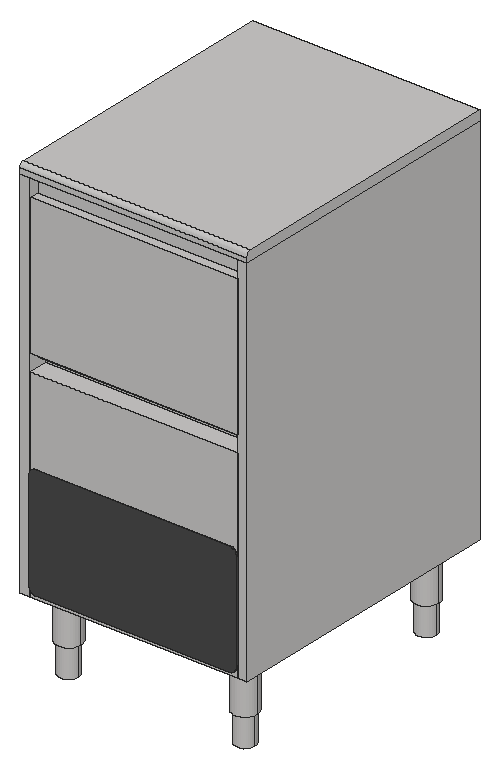
Revit family "QF_ELECTROLUXPROFESSIONAL_730336_IGE55I20SNP", category Attrezzature speciali, Revit 2018
Family settings
  Quota connettore circolare = Usa diametro
  Tipo di parte = Normale
  Basato su piano di lavoro = No
  Sempre verticale = Sì
  Taglio con vuoti quando caricato = No
  Condiviso = No
  Punto di calcolo locali = No
Parameters (values of type "Standard")
  Weight = 0.00 kg
  Watts = 550 W
  Volts = 220 V
  URL Manufacturer = "https://www.electroluxprofessional.com/"
  URL = "https://www.electroluxprofessional.com/"
  Steam Supply Size = 0 mm
  Steam Supply Minimum Pressure = 0.0 Pa
  Steam Supply Maximum Pressure = 0.0 Pa
  Steam Pounds per Hour = 0
  Show Logo [instance] = yes
  Show Clearance [instance] = yes
  Refrigeration Suction Line Size = 0 mm
  Refrigeration Liquid Line Size = 0 mm
  Refrigerant Compressor Remote = yes
  Produttore = "Electrolux Professional"
  Phase = 1
  Modello = "IGE55I20SNP"
  Length Actual = 465 mm  # constant formula
  Item Number = "730336"
  Hot Water Size = 0 mm
  Height Actual = 105 mm  # constant formula
  HP = "0.7 HP"
  Gas Size = 0 mm
  Gas KW = 0
  Gas Input Pressure = 0 W
  Descrizione = "AIR COOLED GRANULAR ICE XS 74KG/24H-BIN 20KG"
  Depth Actual = 595 mm  # constant formula
  Cycle = 50 Hz
  Condensate Return Size = 0 mm
  Compressed Air Volume = 0.0 L/s
  Compressed Air Size = 0 mm
  Compressed Air Pressure = 0.0 Pa
  Cold Water Size = 19.05 mm
  Accessory = yes
Reference planes
  plane 1 "Center X": y = 272.851
  plane 2: z = 0
  plane 3 "Center Y": x = -501.5
  plane 4 "LEFT": x = -734
  plane 5 "RIGHT": x = -269
  plane 6 "FRONT": y = -24.649
  plane 7 "BACK": y = 570.351
  plane 8: z = 155
  plane 9: z = 943
  plane 10: z = 923
  plane 11: x = -714
  plane 12: x = -289
  plane 13: y = 15.351
Forms (mm)
  Extrusion 1, solid, material "QF_Finishes_Black"
    sketch origin (-217.296, -24.649, 371.513) x (-1, 0, 0) y (0, 0, -1)
      loop
        arc (481.704, -21.487) -> (492.311, -17.093) -> (496.704, -6.487) r 15
        line (496.704, -6.487) -> (496.704, 194.469)
        arc (496.704, 194.469) -> (492.311, 205.075) -> (481.704, 209.469) r 15
        line (481.704, 209.469) -> (86.704, 209.469)
        arc (86.704, 209.469) -> (76.097, 205.075) -> (71.704, 194.469) r 15
        line (71.704, 194.469) -> (71.704, -6.487)
        arc (71.704, -6.487) -> (76.097, -17.093) -> (86.704, -21.487) r 15
        line (86.704, -21.487) -> (481.704, -21.487)
    from 0 to 2
  Extrusion 2, solid, material "QF_Finishes_Stainless Steel"
    sketch origin (-501.5, 0, 0) x (0, 1, 0) y (0, 0, 1)
      loop
        line (570.351, 923) -> (570.351, 943) -> (-14.649, 943)
        arc (-14.649, 943) -> (-21.72, 940.071) -> (-24.649, 933) r 10
        line (-24.649, 933) -> (-24.649, 923) -> (570.351, 923)
    from -232.5 to 232.5
  Extrusion 3, solid, material "QF_Finishes_Stainless Steel"
    sketch origin (-321.2, 570.351, -329.545) x (1, 0, 0) y (0, 0, -1)
      loop
        circle (-16.8, -655.545) r 10
    from 0 to 10
  Extrusion 4, solid, material "QF_Finishes_Stainless Steel"
    sketch origin (0, 0, 0) x (1, 0, 0) y (0, 1, 0)
      loop
        line (-734, 570.351) -> (-734, -24.649) -> (-714, -24.649) -> (-714, 570.351) -> (-734, 570.351)
    from 155 to 923
  Extrusion 5, solid, material "QF_Finishes_Stainless Steel"
    sketch origin (0, 0, 0) x (1, 0, 0) y (0, 1, 0)
      loop
        line (-289, 570.351) -> (-289, -24.649) -> (-269, -24.649) -> (-269, 570.351) -> (-289, 570.351)
    from 155 to 923
  Extrusion 6, solid, material "QF_Finishes_Stainless Steel"
    sketch origin (0, 0, 0) x (1, 0, 0) y (0, 1, 0)
      loop
        line (-714, 570.351) -> (-714, 15.351) -> (-289, 15.351) -> (-289, 570.351) -> (-714, 570.351)
    from 155 to 923
  Extrusion 7, solid, material "QF_Finishes_Stainless Steel"
    sketch origin (0, 0, 0) x (1, 0, 0) y (0, 1, 0)
      loop
        line (-714, -24.649) -> (-289, -24.649) -> (-289, 15.351) -> (-714, 15.351) -> (-714, -24.649)
    from 155 to 567.953
  Extrusion 8, solid, material "QF_Finishes_Stainless Steel"
    sketch origin (-501.5, 0, 0) x (0, 1, 0) y (0, 0, 1)
      loop
        line (15.351, 923) -> (-4.649, 923) -> (-4.649, 887) -> (-24.649, 887) -> (-24.649, 601.652) -> (-4.649, 601.652) -> (-4.649, 586.652) -> (15.351, 586.652) -> (15.351, 923)
    from -212.5 to 212.5
  Extrusion 9, solid, material "QF_Finishes_Stainless Steel"
    sketch origin (-303.2, 570.351, -440.545) x (1, 0, 0) y (0, 0, -1)
      loop
        circle (-16.8, -655.545) r 10
    from 0 to 10
  Extrusion 10, solid, material "QF_Finishes_Stainless Steel"
    sketch origin (-363.2, 570.351, -361.545) x (1, 0, 0) y (0, 0, -1)
      loop
        circle (-16.8, -655.545) r 10
    from 0 to 10
Lines and regions (mm)
  Split face 1
    outline origin (-501.5, -4.649, 923) x (0, 0, -1) y (1, 0, 0)
      loop
        line (5.715, 89.928) -> (30.715, 89.928) -> (30.715, 129.928) -> (5.715, 129.928) -> (5.715, 89.928)
  symbolic lines
    curve 1: line (-734, 570.351, 0) -> (-269, 570.351, 0)
    curve 2: line (-734, -24.649, 0) -> (-734, 570.351, 0)
    curve 3: line (-269, -24.649, 0) -> (-734, -24.649, 0)
    curve 4: line (-269, 570.351, 0) -> (-269, -24.649, 0)
Dimensions and locks
  equal spacing: plane 4 "LEFT", plane 3 "Center Y", plane 5 "RIGHT"
  plane 4 "LEFT" to plane 5 "RIGHT" = 465 mm
  equal spacing: plane 7 "BACK", plane 1 "Center X", plane 6 "FRONT"
  plane 7 "BACK" to plane 6 "FRONT" = 595 mm
  plane 8 to plane 2 = 155 mm
  plane 9 to plane 8 = 788 mm
  locked: plane 4 "LEFT" to plane 11 at 20
  locked: plane 12 to plane 5 "RIGHT" at 20
  locked: plane 9 to plane 10 at 20
  locked: plane 13 to plane 6 "FRONT" at 40
  aligned and locked: level to plane 2
  aligned and locked: plane 5 "RIGHT" to Extrusion 2
  aligned and locked: Extrusion 2 to plane 4 "LEFT"
  aligned and locked: Extrusion 4 sketch curve to Extrusion 2  (x2)
  aligned and locked: plane 6 "FRONT" to Extrusion 4 sketch curve
  aligned and locked: Extrusion 4 sketch curve to plane 11
  aligned and locked: Extrusion 5 sketch curve to plane 7 "BACK"
  aligned and locked: plane 12 to Extrusion 5 sketch curve
  aligned and locked: Extrusion 5 sketch curve to Extrusion 2  (x2)
  aligned and locked: plane 10 to Extrusion 4
  aligned and locked: plane 10 to Extrusion 5
  aligned and locked: Extrusion 4 to plane 8
  aligned and locked: Extrusion 5 to plane 8
  aligned and locked: Extrusion 6 sketch curve to Extrusion 4
  aligned and locked: Extrusion 4 to Extrusion 6 sketch curve
  aligned and locked: plane 13 to Extrusion 6 sketch curve
  aligned and locked: Extrusion 6 sketch curve to plane 12
  aligned and locked: plane 10 to Extrusion 6
  aligned and locked: Extrusion 6 to plane 8
  aligned and locked: Extrusion 4 to Extrusion 7 sketch curve
  aligned and locked: Extrusion 7 sketch curve to Extrusion 4
  aligned and locked: plane 13 to Extrusion 7 sketch curve
  aligned and locked: plane 12 to Extrusion 7 sketch curve
  aligned and locked: Extrusion 7 to plane 8
  aligned and locked: plane 12 to Extrusion 8
  aligned and locked: Extrusion 8 to plane 11
Automatic sketch dimensions
  curve 3 to plane 4 "LEFT" = 0 mm
  curve 3 to plane 5 "RIGHT" = 0 mm
  curve 3 to plane 6 "FRONT" = 0 mm
  curve 2 to plane 7 "BACK" = 0 mm
  Extrusion 1 sketch curve to plane 12 = 0 mm
  plane 8 to Extrusion 1 sketch curve = 7.044 mm
  Extrusion 1 sketch curve to Extrusion 1 sketch curve = 15 mm  (x3)
  plane 11 to Extrusion 1 sketch curve = 15 mm  (x2)
  Extrusion 1 sketch curve to Extrusion 1 sketch curve = 200.956 mm
  Extrusion 2 sketch curve to plane 6 "FRONT" = 0 mm
  Extrusion 2 sketch curve to plane 9 = 0 mm
  Extrusion 2 sketch curve to plane 7 "BACK" = 0 mm
  Extrusion 2 sketch curve to plane 10 = 0 mm
  plane 6 "FRONT" to Extrusion 2 sketch curve = 10 mm
  Extrusion 6 to Extrusion 3 sketch curve = 171 mm
  Extrusion 3 sketch curve to Extrusion 6 = 49 mm
  Split face 1 sketch curve to Extrusion 8 = 5.715 mm
  Extrusion 8 to Split face 1 sketch curve = 5.285 mm
  Split face 1 sketch curve to Extrusion 8 = 122.572 mm
  Split face 1 sketch curve to Split face 1 sketch curve = 40 mm
  Extrusion 9 sketch curve to Extrusion 6 = 31 mm
  Extrusion 6 to Extrusion 9 sketch curve = 60 mm
  Extrusion 10 sketch curve to Extrusion 6 = 91 mm
  Extrusion 6 to Extrusion 10 sketch curve = 139 mm
  Extrusion 8 sketch curve to plane 6 "FRONT" = 0 mm
  Extrusion 8 sketch curve to plane 10 = 0 mm
  Extrusion 8 sketch curve to plane 13 = 0 mm
  plane 6 "FRONT" to Extrusion 8 sketch curve = 20 mm
  Extrusion 8 sketch curve to Extrusion 8 sketch curve = 20 mm
  Extrusion 8 sketch curve to plane 10 = 36 mm
  Extrusion 8 sketch curve to Extrusion 8 sketch curve = 285.348 mm
  Extrusion 8 sketch curve to Extrusion 8 sketch curve = 15 mm
  radius of Extrusion 3 sketch curve = 10 mm
  radius of Extrusion 9 sketch curve = 10 mm
  radius of Extrusion 10 sketch curve = 10 mm
Nested families
  nested 1: "Foot_Complete" at (-682, 35.351, 0), type "Foot_Complete"
    with H 155 mm
  nested 2: "Foot_Complete" at (-321, 35.351, 0) x (-1, 0, 0) z (0, 0, 1), type "Foot_Complete"
    with H 155 mm
  nested 3: "Foot_Complete" at (-682, 499.351, 0), type "Foot_Complete"
    with H 155 mm
  nested 4: "Foot_Complete" at (-321, 499.351, 0) x (-1, 0, 0) z (0, 0, 1), type "Foot_Complete"
    with H 155 mm
Connectors
  electrical at (-320, 580.351, 215), driven by "Volts"
    settings: on Extrusion 9, index 1, voltage 220 V, apparent load 0 VA, apparent load phase1 0 VA, apparent load phase2 0 VA, apparent load phase3 0 VA, power factor 1, load classification "Altro", number of poles 1, system type 30, power factor state 1, is connector primary yes, connector utility no, sub classification motor no, connector description "Electrical Connection"
  piping at (-338, 580.351, 326), diameter 20
    settings: on Extrusion 3, index 2, connector inside diameter 609.6 mm, connector length 0 mm, flow factor 0, pipe flow 0.0 L/s, pressure drop 0.0 Pa, fitting loss kfactor 0, connector angle 0.00°, fixture units 0, engagement length 0 mm, angle of deflection 0.00°, flow configuration 0, flow direction 0, fitting loss method 0, system type 20, joint type 0, gender type 0, connector reference index -1, connector utility 0, adjustable connector no, is connector primary yes, connector description "Cold water"
  piping at (-380, 580.351, 294), diameter 20
    settings: on Extrusion 10, index 3, connector inside diameter 609.6 mm, connector length 0 mm, flow factor 0, pipe flow 0.0 L/s, pressure drop 0.0 Pa, fitting loss kfactor 0, connector angle 0.00°, fixture units 0, engagement length 0 mm, angle of deflection 0.00°, flow configuration 0, flow direction 0, fitting loss method 0, system type 16, joint type 0, gender type 0, connector reference index -1, connector utility 0, adjustable connector no, is connector primary no, connector description "Drain"
Definition of nested family "Foot_Complete"
  Parameters (values of type "Foot_Complete")
    R = 25 mm
    H = 153 mm
  Reference planes
    plane 1 "Centro (Fronte/Retro)": y = 0
    plane 2: z = 0
    plane 3 "Centro (Sinistra/Destra)": x = 0
    plane 4: z = 153
  Forms (mm)
    Revolve 1, solid
      sketch origin (255.05, 0, 608.09) x (0, 0, 1) y (-1, 0, 0)
        loop
          line (-608.09, 255.05) -> (-608.09, 235.05) -> (-548.09, 235.05) -> (-548.09, 230.05) -> (-455.09, 230.05) -> (-455.09, 255.05) -> (-608.09, 255.05)
        axis (-608.09, 255.05) -> (-455.09, 255.05)
      angle from 0 to 360
  Dimensions and locks
    level to Revolve 1 sketch curve = 60 mm
    "R": Revolve 1 sketch curve to plane 3 "Centro (Sinistra/Destra)"
    "H": plane 4 to level
    aligned and locked: level to plane 2
    aligned and locked: plane 4 to Revolve 1 sketch curve
    aligned and locked: Revolve 1 sketch curve to level
    aligned and locked: plane 3 "Centro (Sinistra/Destra)" to Revolve 1 sketch curve
  Automatic sketch dimensions
    Revolve 1 sketch curve to plane 3 "Centro (Sinistra/Destra)" = 0 mm
    plane 3 "Centro (Sinistra/Destra)" to Revolve 1 sketch curve = 20 mm
    Revolve 1 sketch curve to Revolve 1 sketch curve = 50 mm
    Revolve 1 sketch curve to Revolve 1 sketch curve = 20 mm
